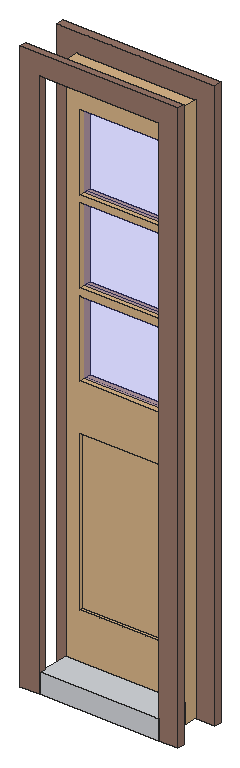
Revit family
Parameters (values of type "0457 x 2134mm")
  Door Material = Door - Panel
  Frame Material = Door - Frame
  Height = 2134.00 mm
  Muntin = 25.00 mm
  Panel = 610.00 mm
  Rail Width - Base = 254.00 mm
  Rail Width - Top = 127.00 mm
  Stile Width = 51.00 mm
  Trim Projection Ext = 25.00 mm
  Trim Projection Int = 25.00 mm
  Trim Width = 76.00 mm
  Wall Closure = (empty or 0)
  Width = 457.00 mm
Types (6, lengths in mm): name | Height | Trim Projection Int | Width
  0305 x 2032mm | 2032.00 | 25.00 | 305.00
  0355 x 2083mm | 2083.00 | 25.00 | 355.00
  0355 x 2134mm | 2134.00 | 5.00 | 355.00
  0406 x 2083mm | 2083.00 | 25.00 | 406.00
  0406 x 2134mm | 2134.00 | 25.00 | 406.00
  0457 x 2134mm | 2134.00 | 25.00 | 457.00
Reference planes
  plane 1: y = 0
  plane 2: z = 0
  plane 3: x = 279.4
  plane 4: x = 50.9
  plane 5: x = 507.9
  plane 6: z = 2134
  plane 7: z = 2007
  plane 8: z = 1981.6
  plane 9: z = 1685.267
  plane 10: z = 1363.533
  plane 11: z = 1041.8
  plane 12: z = 864
  plane 13: z = 254
  plane 14: z = 1660.267
  plane 15: z = 1338.533
  plane 16: x = 456.9
  plane 17: x = 101.9
Forms (mm)
  Extrusion 1, solid, material "Door - Frame"
    sketch origin (-3860.8, -76.2, 0) x (1, 0, 0) y (0, 0, 1)
      loop
        line (3911.7, 0) -> (3911.7, 2134) -> (4368.7, 2134) -> (4368.7, 0) -> (4444.7, 0) -> (4444.7, 2210) -> (3835.7, 2210) -> (3835.7, 0) -> (3911.7, 0)
    from 0 to 25
  Extrusion 2, solid, material "Door - Panel" <- "Door Material"
    sketch origin (-3860.8, 101.6, 0) x (-1, 0, 0) y (0, 0, 1)
      loop
        line (-4317.7, 1981.6) -> (-4317.7, 1685.267) -> (-3962.7, 1685.267) -> (-3962.7, 1981.6) -> (-4317.7, 1981.6)
      loop
        line (-4317.7, 1660.267) -> (-4317.7, 1363.533) -> (-3962.7, 1363.533) -> (-3962.7, 1660.267) -> (-4317.7, 1660.267)
      loop
        line (-4317.7, 1338.533) -> (-4317.7, 1041.8) -> (-3962.7, 1041.8) -> (-3962.7, 1338.533) -> (-4317.7, 1338.533)
      loop
        line (-4317.7, 864) -> (-4317.7, 254) -> (-3962.7, 254) -> (-3962.7, 864) -> (-4317.7, 864)
      loop
        line (-3911.7, 2134) -> (-4368.7, 2134) -> (-4368.7, 0) -> (-3911.7, 0) -> (-3911.7, 2134)
    from -75.8 to -25.4
  Extrusion 3, solid, material "Door - Panel" <- "Door Material"
    sketch origin (-3860.8, 25.8, 0) x (-1, 0, 0) y (0, 0, 1)
      loop
        line (-4317.7, 864) -> (-4317.7, 254) -> (-3962.7, 254) -> (-3962.7, 864) -> (-4317.7, 864)
    from 38.1 to 12.7
  Extrusion 4, solid, material "Glass"
    sketch origin (-3860.8, 76.2, 0) x (-1, 0, 0) y (0, 0, 1)
      loop
        line (-4317.7, 1981.6) -> (-4317.7, 1685.267) -> (-3962.7, 1685.267) -> (-3962.7, 1981.6) -> (-4317.7, 1981.6)
      loop
        line (-4317.7, 1660.267) -> (-4317.7, 1363.533) -> (-3962.7, 1363.533) -> (-3962.7, 1660.267) -> (-4317.7, 1660.267)
      loop
        line (-4317.7, 1338.533) -> (-4317.7, 1041.8) -> (-3962.7, 1041.8) -> (-3962.7, 1338.533) -> (-4317.7, 1338.533)
    from -31.75 to -19.05
  Extrusion 5, solid, material "Door - Frame" <- "Frame Material"
    sketch origin (-1524, 76.2, 0) x (-1, 0, 0) y (0, 0, 1)
      loop
        line (-2107.9, 0) -> (-1498.9, 0) -> (-1498.9, 2210) -> (-2107.9, 2210) -> (-2107.9, 0)
      loop
        line (-2031.9, 76) -> (-1574.9, 76) -> (-1574.9, 2134) -> (-2031.9, 2134) -> (-2031.9, 76)
    from 0.4 to 25.4
  Extrusion 6, solid
    sketch origin (-3860.8, -101.2, 0) x (1, 0, 0) y (0, 0, 1)
      loop
        line (3911.7, 76) -> (3911.7, 0) -> (4368.7, 0) -> (4368.7, 76) -> (3911.7, 76)
    from 0 to -127
Lines and regions (mm)
  Opening 1
    outline origin (-3860.8, -76.2, 0) x (1, 0, 0) y (0, 0, 1)
      loop
        line (3911.7, 0) -> (4368.7, 0) -> (4368.7, 2134) -> (3911.7, 2134) -> (3911.7, 0)
  symbolic lines, style "WindowsFrameMullionProjection"
    curve 1: line (50.9, 76.6, 0) -> (101.9, 76.6, 0)
    curve 2: line (50.9, 76.6, 0) -> (50.9, 25.8, 0)
    curve 3: line (50.9, 25.8, 0) -> (101.9, 25.8, 0)
    curve 4: line (101.9, 76.6, 0) -> (101.9, 25.8, 0)
    curve 5: line (456.9, 76.6, 0) -> (507.9, 76.6, 0)
    curve 6: line (456.9, 76.6, 0) -> (456.9, 25.8, 0)
    curve 8: line (507.9, 76.6, 0) -> (507.9, 25.8, 0)
    curve 11: line (456.9, 25.8, 0) -> (507.9, 25.8, 0)
  symbolic lines
    curve 7: line (456.9, 25.8, 0) -> (507.9, 25.8, 0)
  symbolic lines, style "WindowsGlassProjection"
    curve 9: line (101.9, 57.55, 0) -> (456.9, 57.55, 0)
    curve 10: line (101.9, 44.85, 0) -> (456.9, 44.85, 0)
    curve 12: line (101.9, 57.55, 0) -> (456.9, 57.55, 0)
    curve 13: line (101.9, 44.85, 0) -> (456.9, 44.85, 0)
Text (mm)
  text "Exterior" at (-1663.726, 559.068, 0), in view "Floor Line"
  text "Exterior" at (0, 782.295, 2929.354), in view "Right"
  text "Exterior" at (0, 1602.379, 2554.647), in view "Left"
Dimensions and locks
  equal spacing: plane 4, plane 3, plane 5
  "Width": plane 4 to plane 5
  "Height": plane 2 to plane 6
  "Trim Width": plane 4 to Extrusion 1 sketch curve
  "Trim Width": plane 5 to Extrusion 1 sketch curve
  "Trim Width": plane 6 to Extrusion 1 sketch curve
  equal spacing: plane 11, plane 10, plane 9, plane 7
  "Rail Width - Top": plane 7 to plane 6
  locked: plane 8 to plane 7 at 25.4
  "Muntin": plane 14 to plane 9
  "Muntin": plane 15 to plane 10
  "Stile Width": plane 16 to plane 5
  "Stile Width": plane 17 to plane 4
  locked: plane 12 to plane 11 at 177.8
  "Panel": plane 13 to plane 12
  "Trim Projection Int": Extrusion 1 to host wall
  locked: host wall to Extrusion 2
  "Trim Projection Ext": Extrusion 5 to Extrusion 5
  "Rail Width - Base": plane 13 to host wall
  "Trim Width": Extrusion 5 sketch curve to Extrusion 5 sketch curve
  aligned and locked: plane 4 to Opening 1 sketch curve
  aligned and locked: plane 6 to Opening 1 sketch curve  (x2)
  aligned and locked: Opening 1 sketch curve to plane 5
  aligned and locked: Opening 1 sketch curve to level
  aligned and locked: host wall to plane 1
  aligned and locked: plane 4 to Extrusion 1 sketch curve  (x2)
  aligned and locked: plane 2 to Extrusion 1 sketch curve  (x2)
  aligned and locked: plane 5 to Extrusion 1 sketch curve
  aligned and locked: plane 6 to Extrusion 1 sketch curve  (x2)
  aligned and locked: plane 16 to Extrusion 2 sketch curve  (x4)
  aligned and locked: plane 8 to Extrusion 2 sketch curve
  aligned and locked: plane 9 to Extrusion 2 sketch curve
  aligned and locked: plane 17 to Extrusion 2 sketch curve  (x4)
  aligned and locked: plane 14 to Extrusion 2 sketch curve
  aligned and locked: plane 10 to Extrusion 2 sketch curve
  aligned and locked: plane 15 to Extrusion 2 sketch curve
  aligned and locked: plane 11 to Extrusion 2 sketch curve
  aligned and locked: plane 12 to Extrusion 2 sketch curve
  aligned and locked: plane 13 to Extrusion 2 sketch curve
  aligned and locked: Extrusion 2 sketch curve to Extrusion 1  (x3)
  aligned and locked: Extrusion 3 sketch curve to Extrusion 2  (x4)
  aligned and locked: Extrusion 2 to curve 5
  aligned and locked: curve 8 to Extrusion 2  (x2)
  aligned and locked: Extrusion 2 sketch curve to control icon elem
  aligned and locked: Extrusion 4 sketch curve to Extrusion 2  (x12)
  aligned and locked: Extrusion 1 to Extrusion 5 sketch curve
  aligned and locked: Extrusion 5 sketch curve to Extrusion 1  (x2)
  aligned and locked: curve 3 to curve 6
  aligned and locked: host wall to plane 2
  aligned and locked: Extrusion 6 to Extrusion 2
  aligned and locked: Extrusion 6 sketch curve to Extrusion 5
Automatic sketch dimensions
  Extrusion 1 sketch curve to level = 0.00 mm
  Extrusion 5 sketch curve to level = 0.00 mm
  Extrusion 5 sketch curve to plane 5 = 0.00 mm
  Extrusion 5 sketch curve to plane 4 = 0.00 mm
  Extrusion 5 sketch curve to plane 6 = 0.00 mm
  curve 3 to plane 4 = 0.00 mm
  curve 1 to plane 17 = 0.00 mm
  curve 7 to curve 13 = 19.05 mm
  curve 13 to curve 9 = 12.70 mm
  curve 8 to curve 5 = 50.80 mm
  curve 9 to curve 4 = 19.05 mm
  Extrusion 6 sketch curve to level = 0.00 mm
  Extrusion 6 sketch curve to plane 4 = 0.00 mm
  Extrusion 6 sketch curve to plane 5 = 0.00 mm
